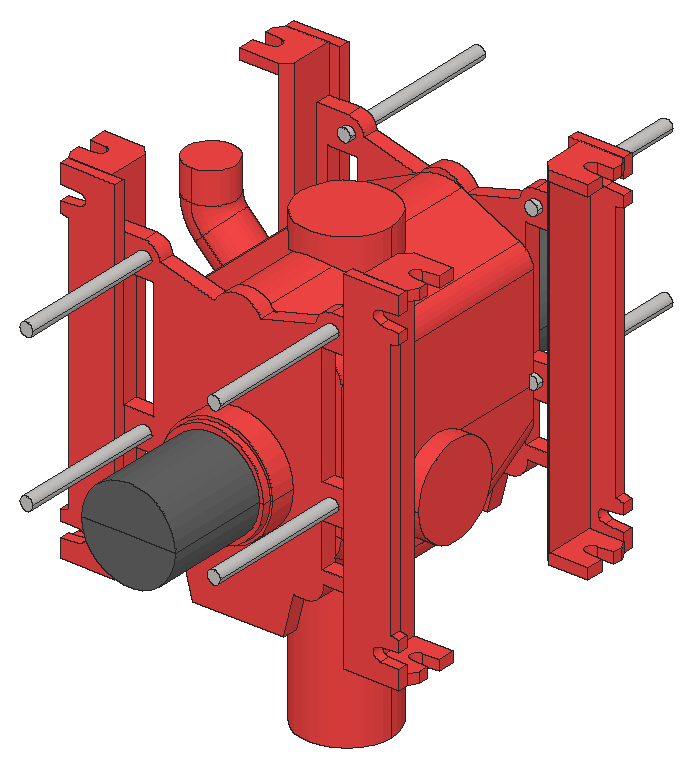
Revit family
Parameters (values of type "Standard Length")
  Vertical Pipe Nominal Radius = 2"
  Vertical Pipe Nominal Diameter = Vertical Pipe Nominal Radius * 2  # 4"
  Vent Nominal Radius = 1"
  Vent Nominal Diameter = Vent Nominal Radius * 2  # 2"
  Vent Flow = 0 GPM
  URL = "http://tylerpipe.com/"
  Type Comments = ""
  Slope Adjustment = yes
  Side Waste Inlet Standard Radius = 2"
  Side Waste Inlet Standard Diameter = Side Waste Inlet Standard Radius * 2  # 4"
  Rough-In Height [instance] = 0' - 6 1/2"
  Plastic Nipple Material = Plastic - Tyler Pipe - Black
  Plastic Nipple Length = 0' - 5"
  Pipe Material = Metal - Tyler Pipe - Cast Iron
  Operating Weight = 210.00 lbf
  Model = "330-ND"
  Manufacturer = "Tyler Pipe"
  Main Out Flush = Main In Flow + Flush Flow 1 + Flush Flow 2 + Vent Flow  # 0 GPM
  Main In Flow = 0 GPM
  Horizontal Pipe Outer Radius = 2 3/16"
  Flush Flow 2 = 0 GPM
  Flush Flow 1 = 0 GPM
  Description = "Back To Back Adjustable Vertical No-Hub Carrier"
  CALC_Slope H = 0' - 0"
  CALC_Outlet Length = 0' - 5 1/4"
  CALC_Main Length = -0' - 10 3/8"
  Bracket Material = Metal - Tyler Pipe - Cast Iron
  Bolt Material = Metal - Tyler Pipe - Stainless Steel
  Bolt Length = 0' - 7 9/128"
  Assembly Code = "D2030100"
Reference planes (in)
  plane 1 "Center (Front/Back)": y = 0
  plane 2: z = 0
  plane 3 "Center (Left/Right)": x = 0
  plane 4 "Rough-In": z = 6.5
  plane 5 "Main Fitting Outlet": z = 4.53516
  plane 6 "Top": z = 17
  plane 7 "Support Foot Left": x = -8.375
  plane 8 "Support Foot Right": x = 8.375
  plane 9 "Carrier Faceplate Back": y = 7
  plane 10 "Carrier Faceplate Front": y = -7
  plane 11 "Faceplate Back": y = 6.5
  plane 12 "Faceplate Front": y = -6.5
  plane 13: x = -8.125
  plane 14: x = 8.125
  plane 15 "Bolts Left": x = -4.5
  plane 16 "Bolts Right": x = 4.5
  plane 17 "Bolts Front": y = -13.57031
  plane 18 "Bolts Back": y = 13.57031
  plane 19 "Main Fitting Inlet": z = 4.53516
  plane 20 "O": x = -1.5
  plane 21 "Outlet": x = 5.25
  plane 22 "Vent": x = 4
  plane 23 "V": z = 11.50528
  plane 24 "Bottom Side Inlet Geometry": z = 2.34777
  plane 25: z = 16.5
  plane 26: z = 0.5
  plane 27: x = -6.49997
  plane 28: x = 6.51229
  plane 29: z = 6.5
  plane 30: z = 6.5
  plane 31: z = 6.5
  plane 32 "Bolts Front Back": y = -5.48803
  plane 33 "Bolts Back Front": y = 5.48803
  plane 34: z = 6.5
  plane 35 "Side Inlet Front": y = -13.06327
  plane 36 "Side Inlet Back": y = 13.06327
  plane 37: y = -8.06327
  plane 38: y = 8.06327
  plane 39 "Inlet": x = -5.125
  plane 40 "Vent Height": z = 14.81483
Forms (in)
  Extrusion 1, solid, material "Metal - Tyler Pipe - Cast Iron" <- "Pipe Material", detail levels medium+fine
    sketch origin (5.25, 0, 4.53516) x (0, -1, 0) y (-0.000001, 0, -1)
      loop
        circle (0, 0) r 2.1875
    from 0 to -10.375 <- "CALC_Main Length"
  Extrusion 2, solid, material "Metal - Tyler Pipe - Cast Iron" <- "Bracket Material", detail levels fine
    sketch origin (0, -7, 0) x (-1, 0, 0) y (0, 0, -1)
      loop
        line (8.12501, 0) -> (5.49997, 0) -> (5.49997, -16.99997) -> (8.12501, -16.99997) -> (8.12501, -16.11913) -> (7.22821, -16.05642)
        arc (7.22821, -16.05642) -> (6.91647, -15.74468) -> (7.22821, -15.43294) r 0.31174
        line (7.22821, -15.43294) -> (8.12498, -15.37024) -> (8.12498, -14.86967) -> (7.75, -14.7692) -> (7.75, -2.22548) -> (8.12498, -2.12501) -> (8.12498, -1.62445) -> (7.22821, -1.56174)
        arc (7.22821, -1.56174) -> (6.91647, -1.25) -> (7.22821, -0.93826) r 0.31174
        line (7.22821, -0.93826) -> (8.12501, -0.87555) -> (8.12501, 0)
      loop
        line (-5.49997, -16.99997) -> (-5.49997, 0) -> (-8.12501, 0) -> (-8.12501, -0.87555) -> (-7.22821, -0.93826)
        arc (-7.22821, -0.93826) -> (-6.91647, -1.25) -> (-7.22821, -1.56174) r 0.31174
        line (-7.22821, -1.56174) -> (-8.12498, -1.62445) -> (-8.12498, -2.12501) -> (-7.75, -2.22548) -> (-7.75, -14.7692) -> (-8.12498, -14.86967) -> (-8.12498, -15.37024) -> (-7.22821, -15.43294)
        arc (-7.22821, -15.43294) -> (-6.91647, -15.74468) -> (-7.22821, -16.05642) r 0.31174
        line (-7.22821, -16.05642) -> (-8.12501, -16.11913) -> (-8.12501, -16.99997) -> (-5.49997, -16.99997)
    from 0 to -0.5
  Extrusion 3, solid, material "Metal - Tyler Pipe - Cast Iron" <- "Bracket Material", detail levels fine
    sketch origin (0, 7, 0) x (-1, 0, 0) y (0, 0, 1)
      loop
        line (8.12501, 0) -> (8.12501, 0.87555) -> (7.22821, 0.93826)
        arc (7.22821, 0.93826) -> (6.91647, 1.25) -> (7.22821, 1.56174) r 0.31174
        line (7.22821, 1.56174) -> (8.12498, 1.62444) -> (8.12498, 2.12501) -> (7.75, 2.22548) -> (7.75, 14.7692) -> (8.12498, 14.86967) -> (8.12498, 15.37023) -> (7.22821, 15.43294)
        arc (7.22821, 15.43294) -> (6.91647, 15.74468) -> (7.22821, 16.05642) r 0.31174
        line (7.22821, 16.05642) -> (8.12501, 16.11913) -> (8.12501, 16.99997) -> (5.49997, 16.99997) -> (5.49997, 0) -> (8.12501, 0)
      loop
        line (-5.49997, 16.99997) -> (-8.12501, 16.99997) -> (-8.12501, 16.11913) -> (-7.22821, 16.05642)
        arc (-7.22821, 16.05642) -> (-6.91647, 15.74468) -> (-7.22821, 15.43294) r 0.31174
        line (-7.22821, 15.43294) -> (-8.12498, 15.37023) -> (-8.12498, 14.86967) -> (-7.75, 14.7692) -> (-7.75, 2.22548) -> (-8.12498, 2.12501) -> (-8.12498, 1.62444) -> (-7.22821, 1.56174)
        arc (-7.22821, 1.56174) -> (-6.91647, 1.25) -> (-7.22821, 0.93826) r 0.31174
        line (-7.22821, 0.93826) -> (-8.12501, 0.87555) -> (-8.12501, 0) -> (-5.49997, 0) -> (-5.49997, 16.99997)
    from 0 to -0.5
  Extrusion 4, solid, material "Metal - Tyler Pipe - Cast Iron" <- "Bracket Material", detail levels fine
    sketch origin (0, 0, 0) x (1, 0, 0) y (0, 1, 0)
      loop
        line (-8.37498, -6.0625) -> (-8.12501, -6.5) -> (-6.06247, -6.5) -> (-6.06247, -4.5) -> (-6.49997, -4.0625) -> (-8.37498, -4.0625) -> (-8.37498, -4.875) -> (-7.59946, -4.93854)
        arc (-7.59946, -4.93854) -> (-7.288, -5.25) -> (-7.59946, -5.56146) r 0.31146
        line (-7.59946, -5.56146) -> (-8.37498, -5.625) -> (-8.37498, -6.0625)
      loop
        line (6.06247, -4.5) -> (6.06247, -6.5) -> (8.12501, -6.5) -> (8.37498, -6.0625) -> (8.37498, -5.625) -> (7.59946, -5.56146)
        arc (7.59946, -5.56146) -> (7.288, -5.25) -> (7.59946, -4.93854) r 0.31146
        line (7.59946, -4.93854) -> (8.37498, -4.875) -> (8.37498, -4.0625) -> (6.49997, -4.0625) -> (6.06247, -4.5)
      loop
        line (8.37498, 6.0625) -> (8.12501, 6.5) -> (6.06247, 6.5) -> (6.06247, 4.5) -> (6.49997, 4.0625) -> (8.37498, 4.0625) -> (8.37498, 4.875) -> (7.59946, 4.93854)
        arc (7.59946, 4.93854) -> (7.288, 5.25) -> (7.59946, 5.56146) r 0.31146
        line (7.59946, 5.56146) -> (8.37498, 5.625) -> (8.37498, 6.0625)
      loop
        line (-8.37498, 6.0625) -> (-8.37498, 5.625) -> (-7.59946, 5.56146)
        arc (-7.59946, 5.56146) -> (-7.288, 5.25) -> (-7.59946, 4.93854) r 0.31146
        line (-7.59946, 4.93854) -> (-8.37498, 4.875) -> (-8.37498, 4.0625) -> (-6.49997, 4.0625) -> (-6.06247, 4.5) -> (-6.06247, 6.5) -> (-8.12501, 6.5) -> (-8.37498, 6.0625)
    from 0 to 17
  Extrusion 5, void
    sketch origin (0, 7, 0) x (-1, 0, 0) y (0, 0, 1)
      loop
        line (9.12254, 16.5) -> (6.49997, 16.5) -> (6.49997, 0.5) -> (9.12254, 0.5) -> (9.12254, 16.5)
      loop
        line (-9.26801, 16.5) -> (-9.26801, 0.5) -> (-6.51229, 0.5) -> (-6.51229, 16.5) -> (-9.26801, 16.5)
    from -13.5 to 0.5
  Extrusion 6, solid, material "Metal - Tyler Pipe - Cast Iron" <- "Bracket Material", detail levels fine
    sketch origin (0, -6.5, 0) x (-1, 0, 0) y (0, 0, -1)
      loop
        line (5.49997, -13.125) -> (5.49997, -7.3125) -> (4.03125, -7.3125) -> (4.03125, -13.125) -> (5.49997, -13.125)
      loop
        line (6.06247, -14.75) -> (6.06247, -2.9375) -> (4.13677, -2.9375)
        arc (4.13677, -2.9375) -> (3.90415, -2.27848) -> (3.26316, -2) r 0.875
        line (3.26316, -2) -> (2.685, -2) -> (2.18492, 0) -> (-2.18492, 0) -> (-2.685, -2) -> (-3.26316, -2)
        arc (-3.26316, -2) -> (-3.90415, -2.27848) -> (-4.13677, -2.9375) r 0.875
        line (-4.13677, -2.9375) -> (-6.06247, -2.9375) -> (-6.06247, -14.75) -> (-4.5, -14.75)
        arc (-4.5, -14.75) -> (-3.98825, -14.54828) -> (-3.75178, -14.05163) r 0.75
        line (-3.75178, -14.05163) -> (-1.11315, -13.31868)
        arc (-1.11315, -13.31868) -> (0, -14) -> (1.11315, -13.31868) r 1.25
        line (1.11315, -13.31868) -> (3.75178, -14.05163)
        arc (3.75178, -14.05163) -> (3.98825, -14.54828) -> (4.5, -14.75) r 0.75
        line (4.5, -14.75) -> (6.06247, -14.75)
      loop
        line (5.49997, -3.5625) -> (4.03125, -3.5625) -> (4.03125, -5.6875) -> (5.49997, -5.6875) -> (5.49997, -3.5625)
      loop
        line (-5.49997, -13.125) -> (-4.03125, -13.125) -> (-4.03125, -7.3125) -> (-5.49997, -7.3125) -> (-5.49997, -13.125)
      loop
        line (-5.49997, -3.5625) -> (-5.49997, -5.6875) -> (-4.03125, -5.6875) -> (-4.03125, -3.5625) -> (-5.49997, -3.5625)
    from 0 to -0.75
  Extrusion 7, solid, material "Metal - Tyler Pipe - Cast Iron" <- "Bracket Material", detail levels fine
    sketch origin (0, 6.5, 0) x (-1, 0, 0) y (0, 0, 1)
      loop
        line (5.49997, 13.125) -> (4.03125, 13.125) -> (4.03125, 7.3125) -> (5.49997, 7.3125) -> (5.49997, 13.125)
      loop
        line (6.06247, 14.75) -> (4.5, 14.75)
        arc (4.5, 14.75) -> (3.98825, 14.54828) -> (3.75178, 14.05163) r 0.75
        line (3.75178, 14.05163) -> (1.11315, 13.31868)
        arc (1.11315, 13.31868) -> (0, 14) -> (-1.11315, 13.31868) r 1.25
        line (-1.11315, 13.31868) -> (-3.75178, 14.05163)
        arc (-3.75178, 14.05163) -> (-3.98825, 14.54828) -> (-4.5, 14.75) r 0.75
        line (-4.5, 14.75) -> (-6.06247, 14.75) -> (-6.06247, 2.9375) -> (-4.13677, 2.9375)
        arc (-4.13677, 2.9375) -> (-3.90415, 2.27848) -> (-3.26316, 2) r 0.875
        line (-3.26316, 2) -> (-2.685, 2) -> (-2.18492, 0) -> (2.18492, 0) -> (2.685, 2) -> (3.26316, 2)
        arc (3.26316, 2) -> (3.90415, 2.27848) -> (4.13677, 2.9375) r 0.875
        line (4.13677, 2.9375) -> (6.06247, 2.9375) -> (6.06247, 14.75)
      loop
        line (5.49997, 3.5625) -> (5.49997, 5.6875) -> (4.03125, 5.6875) -> (4.03125, 3.5625) -> (5.49997, 3.5625)
      loop
        line (-5.49997, 13.125) -> (-5.49997, 7.3125) -> (-4.03125, 7.3125) -> (-4.03125, 13.125) -> (-5.49997, 13.125)
      loop
        line (-5.49997, 3.5625) -> (-4.03125, 3.5625) -> (-4.03125, 5.6875) -> (-5.49997, 5.6875) -> (-5.49997, 3.5625)
    from 0 to -0.75
  Revolve 8, solid, material "Metal - Tyler Pipe - Cast Iron" <- "Pipe Material", detail levels fine
    sketch origin (0, 0, 6.5) x (-1, 0, 0) y (0, -1, 0)
      loop
        line (0, 6.5) -> (2.64908, 6.5) -> (2.64908, 7.71875) -> (2.5, 7.71875) -> (2.5, 8.06327) -> (0, 8.06327) -> (0, 6.5)
      loop
        line (0, -6.5) -> (0, -8.06327) -> (2.5, -8.06327) -> (2.5, -7.71875) -> (2.64908, -7.71875) -> (2.64908, -6.5) -> (0, -6.5)
      axis (0, -8.06327) -> (0, 8.06327)
    angle from 0 to 360
  Extrusion 9, solid, material "Metal - Tyler Pipe - Stainless Steel" <- "Bolt Material", detail levels fine
    sketch origin (0, -6.5, 0) x (-1, 0, 0) y (0, 0, -1)
      loop
        circle (4.5, -14) r 0.3125
      loop
        circle (4.5, -6.5) r 0.3125
      loop
        circle (-4.5, -14) r 0.3125
      loop
        circle (-4.5, -6.5) r 0.3125
    from 7.07031 to -1.01197
  Extrusion 10, solid, material "Metal - Tyler Pipe - Stainless Steel" <- "Bolt Material", detail levels fine
    sketch origin (0, 6.5, 0) x (-1, 0, 0) y (0, 0, 1)
      loop
        circle (4.5, 14) r 0.3125
      loop
        circle (4.5, 6.5) r 0.3125
      loop
        circle (-4.5, 14) r 0.3125
      loop
        circle (-4.5, 6.5) r 0.3125
    from 7.07031 to -1.01197
  Revolve 11, solid, material "Plastic - Tyler Pipe - Black" <- "Plastic Nipple Material", detail levels medium+fine
    sketch origin (0, 0, 6.5) x (-1, 0, 0) y (0, -1, 0)
      loop
        line (0, 5.75) -> (0, 13.06327) -> (-2.25, 13.06327) -> (-2.25, 5.75) -> (0, 5.75)
      loop
        line (0, -5.75) -> (-2.25, -5.75) -> (-2.25, -13.06327) -> (0, -13.06327) -> (0, -5.75)
      axis (0, -13.06327) -> (0, 13.06327)
    angle from 0 to 360
  Extrusion 12, solid, material "Metal - Tyler Pipe - Cast Iron" <- "Bracket Material", detail levels medium
    sketch origin (0, 0, 4.53516) x (-1, 0, 0) y (0, -1, 0)
      loop
        line (8.375, -7) -> (8.375, -4.0625) -> (-8.375, -4.0625) -> (-8.375, -7) -> (8.375, -7)
      loop
        line (8.375, 7) -> (-8.375, 7) -> (-8.375, 4.0625) -> (8.375, 4.0625) -> (8.375, 7)
    from 12.46484 to -4.53516
  Extrusion 13, solid, material "Metal - Tyler Pipe - Cast Iron" <- "Pipe Material", detail levels fine
    sketch origin (0, -6.5, 0) x (-1, 0, 0) y (0, 0, -1)
      loop
        arc (3.73213, -12.19032) -> (4.18796, -11.78436) -> (4.36056, -11.19888) r 1.11114
        line (4.36056, -11.19888) -> (4.36056, -6.24706) -> (-4.36056, -6.24706) -> (-4.36056, -11.19888)
        arc (-4.36056, -11.19888) -> (-4.18796, -11.78436) -> (-3.73213, -12.19032) r 1.11114
        line (-3.73213, -12.19032) -> (-0.93697, -13.53835)
        arc (-0.93697, -13.53835) -> (0, -13.75248) -> (0.93697, -13.53835) r 2.15697
        line (0.93697, -13.53835) -> (3.73213, -12.19032)
    from -0.75 to -12.25
  Sweep 14, solid, material "Metal - Tyler Pipe - Cast Iron" <- "Pipe Material", detail levels fine
    path origin (0, 0, 0) x (0, 1, 0) y (0, 0, 1)
      loop
        line (-5.75, 5.24184) -> (-1.92239, 2.87906) -> (1.79739, 2.87906) -> (5.625, 5.24184)
    profile origin (0, -3.83619, 4.06045) x (0, 0.525279, 0.85093) y (1, 0, 0)
      loop
        arc (-0.5, 4.36056) -> (-0.92032, 4.27415) -> (-1.27655, 4.03491) r 1.11114
        arc (-1.27655, 4.03491) -> (-1.8423, 2.75045) -> (-2.41142, 1.46748) r 534.00949
        arc (-2.41142, 1.46748) -> (-2.48755, 1.28006) -> (-2.55113, 1.08801) r 3.0625
        line (-2.55113, 1.08801) -> (-2.55113, -1.08801)
        arc (-2.55113, -1.08801) -> (-2.48755, -1.28006) -> (-2.41142, -1.46748) r 3.0625
        arc (-2.41142, -1.46748) -> (-1.8423, -2.75045) -> (-1.27655, -4.03491) r 534.00949
        arc (-1.27655, -4.03491) -> (-0.92032, -4.27415) -> (-0.5, -4.36056) r 1.11114
        line (-0.5, -4.36056) -> (-0.5, 4.36056)
  Extrusion 15, void
    sketch origin (0, 0, 0) x (0, 1, 0) y (0, 0, 1)
      loop
        line (-5.75, 8.0625) -> (-10, 8.0625) -> (-10, 1.5625) -> (-5.75, 1.5625) -> (-5.75, 8.0625)
      loop
        line (5.75, 8.0625) -> (5.75, 1.5625) -> (10, 1.5625) -> (10, 8.0625) -> (5.75, 8.0625)
    from 4.5 to -4.5
  Extrusion 16, solid, material "Metal - Tyler Pipe - Cast Iron" <- "Pipe Material", detail levels medium+fine
    sketch origin (0, 0, 0) x (0, 1, 0) y (0, 0, 1)
      loop
        line (-5.75, 6.24706) -> (-5.75, 4.65425) -> (-2.06428, 2.37906) -> (1.93928, 2.37906) -> (5.75, 4.73141) -> (5.75, 6.24706) -> (-5.75, 6.24706)
    from 4.36056 to -4.36056
  Sweep 17, solid, material "Metal - Tyler Pipe - Cast Iron" <- "Pipe Material", detail levels medium+fine
    path origin (0, 0, 0) x (1, 0, 0) y (0, 0, 1)
      loop
        line (-6.4992, 14.81483) -> (-6.4992, 13.3042)
        arc (-6.4992, 13.3042) -> (-6.36339, 12.62141) -> (-5.97662, 12.04257) r 1.78422
        line (-5.97662, 12.04257) -> (-1.02687, 7.09282)
    profile origin (-6.4992, 0, 14.05952) x (0, -1, 0) y (1, 0, 0)
      loop
        circle (0, 0) r 1.17578
  Extrusion 18, solid, material "Metal - Tyler Pipe - Cast Iron" <- "Pipe Material", detail levels medium+fine
    sketch origin (0, 0, 4.53516) x (-1, 0, 0) y (0, -1, 0)
      loop
        circle (0, 0) r 2.1875
    from 10.27967 to -11.71618
Cuts and joins
  Extrusion 5 cuts Extrusion 4
  Extrusion 15 cuts Sweep 14
Lines and regions (in)
  reference lines, not visible
    curve 1: line (-5.125, 0, 4.53517) -> (5.25, 0, 4.53516)
  model lines, detail levels coarse
    curve 2: line (-5.125, 0, 4.53517) -> (0, 0, 4.53516)
    curve 3: line (0, 13.06327, 6.5) -> (0, -13.06327, 6.5)
    curve 4: line (0, 0, 14.81483) -> (0, 0, -7.18102)
    curve 5: line (-6.49997, 0, 14.81483) -> (-6.49997, 0, 13.56508)
    curve 6: line (-6.49997, 0, 13.56508) -> (0, 0, 11.50528)
Dimensions and locks (in)
  "Rough-In Height": plane 4 "Rough-In" to plane 2
  equal spacing: plane 8 "Support Foot Right", plane 3 "Center (Left/Right)", plane 7 "Support Foot Left"
  locked: plane 6 "Top" to plane 2 at 17
  locked: plane 9 "Carrier Faceplate Back" to plane 10 "Carrier Faceplate Front" at 14
  equal spacing: plane 9 "Carrier Faceplate Back", plane 1 "Center (Front/Back)", plane 10 "Carrier Faceplate Front"
  locked: plane 9 "Carrier Faceplate Back" to plane 11 "Faceplate Back" at 0.5
  locked: plane 10 "Carrier Faceplate Front" to plane 12 "Faceplate Front" at 0.5
  locked: plane 13 to plane 7 "Support Foot Left" at 0.25
  locked: plane 14 to plane 8 "Support Foot Right" at 0.25
  equal spacing: plane 17 "Bolts Front", plane 1 "Center (Front/Back)", plane 18 "Bolts Back"
  "Bolt Length": plane 17 "Bolts Front" to plane 12 "Faceplate Front"
  equal spacing: plane 15 "Bolts Left", plane 3 "Center (Left/Right)", plane 16 "Bolts Right"
  locked: plane 15 "Bolts Left" to plane 16 "Bolts Right" at 9
  plane 20 "O" to plane 3 "Center (Left/Right)" = 0' - 1 1/2"
  "CALC_Outlet Length": plane 3 "Center (Left/Right)" to plane 21 "Outlet"
  "CALC_Slope H": plane 19 "Main Fitting Inlet" to plane 5 "Main Fitting Outlet"
  locked: plane 3 "Center (Left/Right)" to plane 22 "Vent" at 4
  locked: plane 19 "Main Fitting Inlet" to plane 24 "Bottom Side Inlet Geometry" at 2.18738
  locked: plane 6 "Top" to plane 25 at 0.5
  locked: plane 26 to level at 0.5
  locked: plane 23 "V" to plane 5 "Main Fitting Outlet" at 6.97012
  locked: Extrusion 6 sketch curve to plane 29 at 8.25  (x2)
  locked: plane 29 to Extrusion 6 sketch curve at 3.5625  (x2)
  locked: Extrusion 6 sketch curve to plane 29 at 6.625  (x2)
  locked: plane 29 to Extrusion 6 sketch curve at 2.9375  (x2)
  locked: plane 29 to Extrusion 6 sketch curve at 6.5
  locked: Extrusion 7 sketch curve to plane 30 at 8.25  (x2)
  locked: plane 30 to Extrusion 7 sketch curve at 3.5625  (x2)
  locked: plane 30 to Extrusion 7 sketch curve at 2.9375  (x2)
  locked: Extrusion 7 sketch curve to plane 30 at 6.625  (x2)
  locked: plane 30 to Extrusion 7 sketch curve at 6.5
  locked: Extrusion 9 sketch curve to plane 31 at 7.5  (x2)
  locked: Extrusion 6 sketch curve to plane 29 at 0.8125  (x2)
  locked: plane 29 to Extrusion 6 sketch curve at 0.8125  (x2)
  locked: Extrusion 7 sketch curve to plane 30 at 0.8125  (x2)
  locked: plane 30 to Extrusion 7 sketch curve at 0.8125  (x2)
  locked: plane 12 "Faceplate Front" to plane 32 "Bolts Front Back" at 1.01197
  locked: plane 11 "Faceplate Back" to plane 33 "Bolts Back Front" at 1.01197
  locked: Extrusion 10 sketch curve to plane 34 at 7.5  (x2)
  locked: plane 38 to plane 9 "Carrier Faceplate Back" at 1.06327
  locked: plane 37 to plane 10 "Carrier Faceplate Front" at 1.06327
  "Plastic Nipple Length": plane 35 "Side Inlet Front" to plane 37
  "Plastic Nipple Length": plane 38 to plane 36 "Side Inlet Back"
  locked: plane 9 "Carrier Faceplate Back" to Extrusion 12 sketch curve at 2.9375
  locked: plane 10 "Carrier Faceplate Front" to Extrusion 12 sketch curve at 2.9375
  locked: Extrusion 6 sketch curve to plane 29 at 6.25
  locked: plane 29 to Extrusion 6 sketch curve at 3.625  (x2)
  locked: Extrusion 6 sketch curve to plane 29 at 6.81868  (x2)
  locked: plane 30 to Extrusion 7 sketch curve at 6.25
  locked: Extrusion 7 sketch curve to plane 30 at 3.625  (x2)
  locked: plane 30 to Extrusion 7 sketch curve at 6.81868  (x2)
  locked: Extrusion 13 sketch curve to plane 5 "Main Fitting Outlet" at 1.7119
  locked: Extrusion 13 sketch curve to plane 5 "Main Fitting Outlet" at 6.66372  (x2)
  locked: Extrusion 13 sketch curve to plane 5 "Main Fitting Outlet" at 7.65516  (x2)
  locked: Extrusion 13 sketch curve to plane 5 "Main Fitting Outlet" at 9.00319  (x2)
  locked: Sweep 17 sketch curve to plane 5 "Main Fitting Outlet" at 2.55767
  locked: Sweep 17 sketch curve to plane 5 "Main Fitting Outlet" at 7.50741
  locked: Sweep 17 sketch curve to plane 5 "Main Fitting Outlet" at 8.76905
  locked: Sweep 17 sketch curve to plane 5 "Main Fitting Outlet" at 10.27967
  locked: plane 19 "Main Fitting Inlet" to level at 4.53516
  locked: Sweep 14 sketch curve to plane 19 "Main Fitting Inlet" at 0.70668  (x2)
  locked: plane 19 "Main Fitting Inlet" to Sweep 14 sketch curve at 1.6561  (x2)
  locked: Extrusion 15 sketch curve to plane 19 "Main Fitting Inlet" at 3.52734  (x2)
  locked: Extrusion 15 sketch curve to Extrusion 15 sketch curve at 6.5  (x2)
  locked: Extrusion 18 to Extrusion 18 at 21.99585
  locked: plane 21 "Outlet" to plane 39 "Inlet" at 10.375
  locked: plane 40 "Vent Height" to plane 5 "Main Fitting Outlet" at 10.27967
  "Horizontal Pipe Outer Radius": radius of Extrusion 1 sketch curve
  radius of Sweep 17 sketch curve = 0' - 1 45/256"
  radius of Extrusion 18 sketch curve = 0' - 2 3/16"
  aligned and locked: level to plane 2
  aligned and locked: plane 21 "Outlet" to curve 1
  aligned and locked: plane 5 "Main Fitting Outlet" to curve 1
  aligned: curve 1 to Extrusion 1  (x4)
  aligned and locked: Extrusion 2 to plane 12 "Faceplate Front"
  aligned and locked: plane 10 "Carrier Faceplate Front" to Extrusion 2
  aligned and locked: Extrusion 3 to plane 11 "Faceplate Back"
  aligned and locked: plane 9 "Carrier Faceplate Back" to Extrusion 3
  aligned and locked: plane 6 "Top" to Extrusion 4
  aligned and locked: Extrusion 4 to level
  aligned and locked: plane 4 "Rough-In" to plane 29
  aligned and locked: plane 4 "Rough-In" to plane 30
  aligned and locked: Revolve 8 sketch curve to plane 3 "Center (Left/Right)"
  aligned and locked: plane 4 "Rough-In" to plane 31
  aligned and locked: plane 31 to Extrusion 9 sketch curve
  aligned and locked: Extrusion 9 sketch curve to plane 31
  aligned and locked: Extrusion 9 to plane 17 "Bolts Front"
  aligned and locked: plane 32 "Bolts Front Back" to Extrusion 9
  aligned and locked: plane 34 to Extrusion 10 sketch curve
  aligned and locked: Extrusion 10 sketch curve to plane 34
  aligned and locked: Extrusion 10 to plane 18 "Bolts Back"
  aligned and locked: plane 33 "Bolts Back Front" to Extrusion 10
  aligned and locked: plane 35 "Side Inlet Front" to Revolve 11 sketch curve
  aligned and locked: Revolve 11 sketch curve to plane 36 "Side Inlet Back"
  aligned and locked: Revolve 11 sketch curve to plane 3 "Center (Left/Right)"
  aligned and locked: Extrusion 7 to Revolve 11 sketch curve
  aligned and locked: Revolve 11 sketch curve to Extrusion 6
  aligned and locked: Extrusion 12 sketch curve to plane 8 "Support Foot Right"
  aligned and locked: plane 8 "Support Foot Right" to Extrusion 12 sketch curve
  aligned and locked: Extrusion 12 sketch curve to plane 7 "Support Foot Left"
  aligned and locked: plane 7 "Support Foot Left" to Extrusion 12 sketch curve
  aligned and locked: plane 10 "Carrier Faceplate Front" to Extrusion 12 sketch curve
  aligned and locked: Extrusion 12 sketch curve to plane 9 "Carrier Faceplate Back"
  aligned and locked: plane 6 "Top" to Extrusion 12
  aligned and locked: Extrusion 12 to level
  aligned and locked: Extrusion 13 to Extrusion 6
  aligned and locked: Extrusion 16 sketch curve to Extrusion 13
  aligned and locked: plane 4 "Rough-In" to plane 34
  aligned and locked: plane 3 "Center (Left/Right)" to Extrusion 18 sketch curve
  aligned and locked: plane 1 "Center (Front/Back)" to Extrusion 18 sketch curve
  aligned and locked: Extrusion 18 to Sweep 17
  aligned and locked: plane 39 "Inlet" to curve 1
  aligned and locked: plane 39 "Inlet" to curve 2
  aligned and locked: plane 3 "Center (Left/Right)" to curve 2
  aligned and locked: plane 36 "Side Inlet Back" to curve 3
  aligned and locked: plane 35 "Side Inlet Front" to curve 3
  aligned and locked: curve 3 to plane 3 "Center (Left/Right)"
  aligned and locked: Extrusion 18 to curve 4  (x2)
  aligned and locked: curve 4 to plane 3 "Center (Left/Right)"
  aligned and locked: plane 23 "V" to curve 6
  aligned and locked: plane 3 "Center (Left/Right)" to curve 6
  aligned and locked: curve 5 to plane 27
  aligned and locked: plane 40 "Vent Height" to curve 5
Automatic sketch dimensions
  Extrusion 1 sketch curve to plane 1 "Center (Front/Back)" = 0' - 0"
  Extrusion 2 sketch curve to level = 0' - 0"  (x2)
  plane 14 to Extrusion 2 sketch curve = 0' - 0"  (x2)
  Extrusion 2 sketch curve to plane 14 = 0' - 0"  (x2)
  Extrusion 2 sketch curve to plane 14 = 0' - 0 3/8"
  Extrusion 2 sketch curve to plane 28 = 0' - 0.71591"  (x2)
  plane 6 "Top" to Extrusion 2 sketch curve = 0' - 0.00003"  (x2)
  plane 16 "Bolts Right" to Extrusion 2 sketch curve = 0' - 0.99997"
  plane 15 "Bolts Left" to Extrusion 2 sketch curve = 0' - 0.99997"
  plane 27 to Extrusion 2 sketch curve = 0' - 0.72823"  (x2)
  Extrusion 2 sketch curve to plane 26 = 0' - 0.43826"  (x2)
  Extrusion 2 sketch curve to plane 13 = 0' - 0 3/8"
  Extrusion 2 sketch curve to plane 13 = 0' - 0"  (x2)
  plane 13 to Extrusion 2 sketch curve = 0' - 0"  (x2)
  Extrusion 2 sketch curve to plane 26 = 0' - 0.37555"  (x2)
  Extrusion 2 sketch curve to Extrusion 2 sketch curve = 0' - 0.31174"  (x4)
  Extrusion 2 sketch curve to Extrusion 2 sketch curve = 0' - 0.7489"  (x2)
  Extrusion 2 sketch curve to Extrusion 2 sketch curve = 0' - 0.50056"  (x4)
  Extrusion 2 sketch curve to Extrusion 2 sketch curve = 0' - 0.10047"  (x4)
  plane 25 to Extrusion 2 sketch curve = 0' - 1.7308"  (x2)
  Extrusion 2 sketch curve to Extrusion 2 sketch curve = 0' - 0.66374"  (x2)
  plane 25 to Extrusion 2 sketch curve = 0' - 0.38087"  (x2)
  Extrusion 3 sketch curve to level = 0' - 0"  (x2)
  Extrusion 3 sketch curve to plane 14 = 0' - 0"  (x2)
  plane 14 to Extrusion 3 sketch curve = 0' - 0"  (x2)
  plane 14 to Extrusion 3 sketch curve = 0' - 0 3/8"
  plane 28 to Extrusion 3 sketch curve = 0' - 0.71591"  (x2)
  Extrusion 3 sketch curve to plane 6 "Top" = 0' - 0.00003"  (x2)
  Extrusion 3 sketch curve to plane 16 "Bolts Right" = 0' - 0.99997"
  Extrusion 3 sketch curve to plane 15 "Bolts Left" = 0' - 0.99997"
  Extrusion 3 sketch curve to plane 27 = 0' - 0.72823"  (x2)
  plane 26 to Extrusion 3 sketch curve = 0' - 0.43826"  (x2)
  plane 13 to Extrusion 3 sketch curve = 0' - 0 3/8"
  plane 13 to Extrusion 3 sketch curve = 0' - 0"  (x2)
  Extrusion 3 sketch curve to plane 13 = 0' - 0"  (x2)
  plane 26 to Extrusion 3 sketch curve = 0' - 0.37555"  (x2)
  Extrusion 3 sketch curve to Extrusion 3 sketch curve = 0' - 0.31174"  (x4)
  Extrusion 3 sketch curve to Extrusion 3 sketch curve = 0' - 0.7489"  (x2)
  Extrusion 3 sketch curve to Extrusion 3 sketch curve = 0' - 0.50056"  (x4)
  Extrusion 3 sketch curve to Extrusion 3 sketch curve = 0' - 0.10047"  (x4)
  Extrusion 3 sketch curve to plane 25 = 0' - 1.7308"  (x2)
  Extrusion 3 sketch curve to Extrusion 3 sketch curve = 0' - 0.66374"  (x2)
  Extrusion 3 sketch curve to plane 25 = 0' - 0.38087"  (x2)
  plane 12 "Faceplate Front" to Extrusion 4 sketch curve = 0' - 0"  (x2)
  Extrusion 4 sketch curve to plane 11 "Faceplate Back" = 0' - 0"  (x2)
  Extrusion 4 sketch curve to plane 27 = 0' - 0"  (x2)
  plane 13 to Extrusion 4 sketch curve = 0' - 0.52554"  (x2)
  Extrusion 4 sketch curve to plane 13 = 0' - 0"  (x2)
  plane 7 "Support Foot Left" to Extrusion 4 sketch curve = 0' - 0.00002"  (x4)
  plane 27 to Extrusion 4 sketch curve = 0' - 0 7/16"  (x2)
  Extrusion 4 sketch curve to plane 28 = 0' - 0.44982"  (x2)
  Extrusion 4 sketch curve to plane 28 = 0' - 0.01232"  (x2)
  plane 14 to Extrusion 4 sketch curve = 0' - 0.52554"  (x2)
  plane 32 "Bolts Front Back" to Extrusion 4 sketch curve = 0' - 0.23803"  (x2)
  Extrusion 4 sketch curve to plane 14 = 0' - 0"  (x2)
  plane 8 "Support Foot Right" to Extrusion 4 sketch curve = 0' - 0.00002"  (x4)
  Extrusion 4 sketch curve to plane 12 "Faceplate Front" = 0' - 0 7/16"  (x2)
  Extrusion 4 sketch curve to plane 32 "Bolts Front Back" = 0' - 0.13697"  (x2)
  Extrusion 4 sketch curve to plane 32 "Bolts Front Back" = 0' - 0.07343"  (x2)
  plane 32 "Bolts Front Back" to Extrusion 4 sketch curve = 0' - 0.61303"  (x2)
  plane 32 "Bolts Front Back" to Extrusion 4 sketch curve = 0' - 0.98803"  (x2)
  Extrusion 4 sketch curve to Extrusion 4 sketch curve = 0' - 0 13/16"  (x2)
  plane 33 "Bolts Back Front" to Extrusion 4 sketch curve = 0' - 1.42553"  (x2)
  Extrusion 4 sketch curve to Extrusion 4 sketch curve = 0' - 0 7/16"  (x2)
  plane 33 "Bolts Back Front" to Extrusion 4 sketch curve = 0' - 0.61303"  (x2)
  plane 33 "Bolts Back Front" to Extrusion 4 sketch curve = 0' - 0.54949"  (x2)
  plane 33 "Bolts Back Front" to Extrusion 4 sketch curve = 0' - 0.23803"  (x2)
  Extrusion 4 sketch curve to plane 33 "Bolts Back Front" = 0' - 0.13697"  (x2)
  Extrusion 4 sketch curve to plane 11 "Faceplate Back" = 0' - 0 7/16"  (x2)
  Extrusion 5 sketch curve to plane 26 = 0' - 0"  (x2)
  Extrusion 5 sketch curve to plane 25 = 0' - 0"  (x2)
  Extrusion 5 sketch curve to plane 28 = 0' - 0"
  Extrusion 5 sketch curve to plane 27 = 0' - 0"
  Extrusion 5 sketch curve to plane 8 "Support Foot Right" = 0' - 0.89301"
  Extrusion 5 sketch curve to plane 7 "Support Foot Left" = 0' - 0.74754"
  plane 16 "Bolts Right" to Extrusion 6 sketch curve = 0' - 0"
  Extrusion 6 sketch curve to plane 3 "Center (Left/Right)" = 0' - 0"
  Extrusion 6 sketch curve to plane 15 "Bolts Left" = 0' - 0"
  plane 16 "Bolts Right" to Extrusion 6 sketch curve = 0' - 0.99997"  (x2)
  plane 28 to Extrusion 6 sketch curve = 0' - 0.44982"
  Extrusion 6 sketch curve to plane 22 "Vent" = 0' - 0.13677"
  Extrusion 6 sketch curve to plane 22 "Vent" = 0' - 0 1/32"  (x2)
  plane 22 "Vent" to Extrusion 6 sketch curve = 0' - 0.24822"
  plane 22 "Vent" to Extrusion 6 sketch curve = 0' - 0.736"
  plane 22 "Vent" to Extrusion 6 sketch curve = 0' - 0.73684"
  Extrusion 6 sketch curve to Extrusion 6 sketch curve = 0' - 0.57816"  (x2)
  plane 22 "Vent" to Extrusion 6 sketch curve = 0' - 1.81508"
  Extrusion 6 sketch curve to plane 20 "O" = 0' - 0.38685"
  plane 20 "O" to Extrusion 6 sketch curve = 0' - 0.68492"
  plane 20 "O" to Extrusion 6 sketch curve = 0' - 1.185"
  Extrusion 6 sketch curve to Extrusion 6 sketch curve = 0' - 0.00084"
  Extrusion 6 sketch curve to plane 15 "Bolts Left" = 0' - 0.74822"
  Extrusion 6 sketch curve to plane 15 "Bolts Left" = 0' - 0 15/32"  (x2)
  Extrusion 6 sketch curve to plane 15 "Bolts Left" = 0' - 0.36323"
  plane 15 "Bolts Left" to Extrusion 6 sketch curve = 0' - 0.99997"  (x2)
  Extrusion 6 sketch curve to plane 27 = 0' - 0 7/16"
  Extrusion 6 sketch curve to Extrusion 6 sketch curve = 0' - 0 3/4"  (x2)
  plane 16 "Bolts Right" to Extrusion 7 sketch curve = 0' - 0"
  Extrusion 7 sketch curve to plane 3 "Center (Left/Right)" = 0' - 0"
  Extrusion 7 sketch curve to plane 15 "Bolts Left" = 0' - 0"
  Extrusion 7 sketch curve to plane 16 "Bolts Right" = 0' - 0.99997"  (x2)
  Extrusion 7 sketch curve to Extrusion 7 sketch curve = 0' - 0"
  Extrusion 7 sketch curve to plane 28 = 0' - 0.44982"
  plane 22 "Vent" to Extrusion 7 sketch curve = 0' - 0.13677"
  plane 22 "Vent" to Extrusion 7 sketch curve = 0' - 0 1/32"  (x2)
  Extrusion 7 sketch curve to plane 22 "Vent" = 0' - 0.24822"
  Extrusion 7 sketch curve to plane 22 "Vent" = 0' - 0.736"
  Extrusion 7 sketch curve to plane 22 "Vent" = 0' - 0.73684"
  Extrusion 7 sketch curve to Extrusion 7 sketch curve = 0' - 0.57816"  (x2)
  Extrusion 7 sketch curve to plane 22 "Vent" = 0' - 1.81508"
  plane 20 "O" to Extrusion 7 sketch curve = 0' - 0.38685"
  Extrusion 7 sketch curve to plane 20 "O" = 0' - 0.68492"
  Extrusion 7 sketch curve to plane 20 "O" = 0' - 1.185"
  Extrusion 7 sketch curve to Extrusion 7 sketch curve = 0' - 0.00084"
  plane 15 "Bolts Left" to Extrusion 7 sketch curve = 0' - 0.74822"
  plane 15 "Bolts Left" to Extrusion 7 sketch curve = 0' - 0 15/32"  (x2)
  plane 15 "Bolts Left" to Extrusion 7 sketch curve = 0' - 0.36323"
  Extrusion 7 sketch curve to plane 15 "Bolts Left" = 0' - 0.99997"  (x2)
  plane 27 to Extrusion 7 sketch curve = 0' - 0 7/16"
  Extrusion 7 sketch curve to Extrusion 7 sketch curve = 0' - 0 3/4"  (x2)
  Revolve 8 sketch curve to plane 3 "Center (Left/Right)" = 0' - 0"  (x2)
  Revolve 8 sketch curve to plane 11 "Faceplate Back" = 0' - 0"
  plane 12 "Faceplate Front" to Revolve 8 sketch curve = 0' - 0"
  Revolve 8 sketch curve to plane 20 "O" = 0' - 1"  (x2)
  Revolve 8 sketch curve to plane 20 "O" = 0' - 1.14908"  (x2)
  plane 9 "Carrier Faceplate Back" to Revolve 8 sketch curve = 0' - 0 23/32"
  plane 9 "Carrier Faceplate Back" to Revolve 8 sketch curve = 0' - 1.06327"
  Revolve 8 sketch curve to Revolve 8 sketch curve = 0' - 2"
  plane 10 "Carrier Faceplate Front" to Revolve 8 sketch curve = 0' - 0 23/32"
  plane 10 "Carrier Faceplate Front" to Revolve 8 sketch curve = 0' - 1.06327"
  Revolve 8 sketch curve to Revolve 8 sketch curve = 0' - 1.37346"
  plane 16 "Bolts Right" to Extrusion 9 sketch curve = 0' - 0"  (x2)
  Extrusion 9 sketch curve to plane 15 "Bolts Left" = 0' - 0"  (x2)
  plane 16 "Bolts Right" to Extrusion 10 sketch curve = 0' - 0"  (x2)
  Extrusion 10 sketch curve to plane 15 "Bolts Left" = 0' - 0"  (x2)
  Revolve 11 sketch curve to plane 3 "Center (Left/Right)" = 0' - 0"  (x2)
  Revolve 11 sketch curve to plane 22 "Vent" = 0' - 1 3/4"  (x2)
  Revolve 11 sketch curve to plane 18 "Bolts Back" = 0' - 0.57881"
  plane 17 "Bolts Front" to Revolve 11 sketch curve = 0' - 0.05528"
  Extrusion 13 sketch curve to plane 3 "Center (Left/Right)" = 0' - 0"
  Extrusion 13 sketch curve to plane 3 "Center (Left/Right)" = 0' - 0.93697"
  plane 22 "Vent" to Extrusion 13 sketch curve = 0' - 0.75054"
  plane 22 "Vent" to Extrusion 13 sketch curve = 0' - 0.26787"
  Extrusion 13 sketch curve to plane 16 "Bolts Right" = 0' - 0.13944"
  Extrusion 13 sketch curve to plane 15 "Bolts Left" = 0' - 1.25054"
  Extrusion 13 sketch curve to plane 15 "Bolts Left" = 0' - 0.76787"
  Extrusion 13 sketch curve to plane 15 "Bolts Left" = 0' - 0.13944"
  Extrusion 13 sketch curve to plane 23 "V" = 0' - 0.09024"
  plane 17 "Bolts Front" to Sweep 14 sketch curve = 0' - 7 105/128"
  plane 17 "Bolts Front" to Sweep 14 sketch curve = 0' - 11.64792"
  plane 35 "Side Inlet Front" to Sweep 14 sketch curve = 1' - 2.86066"
  Sweep 14 sketch curve to plane 10 "Carrier Faceplate Front" = 1' - 0 5/8"
  plane 37 to Extrusion 15 sketch curve = 0' - 1.93673"
  Extrusion 15 sketch curve to plane 32 "Bolts Front Back" = 0' - 0.26197"
  Extrusion 15 sketch curve to plane 33 "Bolts Back Front" = 0' - 0.26197"
  plane 38 to Extrusion 15 sketch curve = 0' - 1.93673"
  plane 1 "Center (Front/Back)" to Sweep 17 sketch curve = 0' - 0"
  Sweep 17 sketch curve to profile plane = 0' - 0"
  profile plane to Sweep 14 sketch curve = 40' - 10.26389"
  Sweep 14 sketch curve to Sweep 14 sketch curve = 0' - 0"  (x3)
  plane 3 "Center (Left/Right)" to Sweep 14 sketch curve = 0' - 1.08801"
  profile plane to Sweep 14 sketch curve = 0' - 2.55113"
  Sweep 14 sketch curve to Sweep 14 sketch curve = 0' - 0.13971"  (x2)
  profile plane to Sweep 14 sketch curve = 0' - 1.27655"  (x2)
  profile plane to Sweep 14 sketch curve = 0' - 0 1/2"
  profile plane to Sweep 14 sketch curve = 0' - 0.49061"  (x2)
  plane 3 "Center (Left/Right)" to Sweep 14 sketch curve = 0' - 0.22199"
  Sweep 14 sketch curve to profile plane = 0' - 0.38637"  (x2)
  Sweep 14 sketch curve to plane 3 "Center (Left/Right)" = 0' - 0.22199"
  Sweep 14 sketch curve to plane 3 "Center (Left/Right)" = 0' - 1.08801"
  Sweep 14 sketch curve to Sweep 14 sketch curve = 0' - 0.78545"  (x2)
  plane 19 "Main Fitting Inlet" to Extrusion 16 sketch curve = 0' - 0.11909"
  Extrusion 16 sketch curve to plane 32 "Bolts Front Back" = 0' - 0.26197"
  Extrusion 16 sketch curve to plane 24 "Bottom Side Inlet Geometry" = 0' - 0.03128"
  plane 1 "Center (Front/Back)" to Extrusion 16 sketch curve = 0' - 2.06428"
  Extrusion 16 sketch curve to plane 1 "Center (Front/Back)" = 0' - 1.93928"
  Extrusion 16 sketch curve to plane 33 "Bolts Back Front" = 0' - 0.26197"
  plane 19 "Main Fitting Inlet" to Extrusion 16 sketch curve = 0' - 0.19625"
  plane 27 to Sweep 17 sketch curve = 0' - 0.00077"
  plane 27 to Sweep 17 sketch curve = 0' - 0.52336"
  plane 20 "O" to Sweep 17 sketch curve = 0' - 0.47313"
  plane 19 "Main Fitting Inlet" to curve 1 = 0' - 0"
  curve 1 to curve 2 = 0' - 0"
  curve 5 to curve 5 = 0' - 1.24976"
  radius of Extrusion 9 sketch curve = 0' - 0 5/16"  (x4)
  radius of Extrusion 10 sketch curve = 0' - 0 5/16"  (x4)
Connectors (in)
  piping at (0, -13.06327, 6.5), driven by "Flush Flow 1", driven by "Side Waste Inlet Standard Radius", driven by "Slope Adjustment"
    settings: on Revolve 11, index 4, connector radius 2", flow factor 0, pipe flow 0 GPM, pressure drop 0.00 psi, fitting loss kfactor 0, connector angle 0.00°, fixture units 0, flow configuration 0, flow direction 1, fitting loss method 0, system type 16, connector reference index -1, connector utility 0, adjustable connector yes, is connector primary no, fitting loss table "", connector description "Sanitary Inlet"
  piping at (0, 13.06327, 6.5), driven by "Side Waste Inlet Standard Radius", driven by "Slope Adjustment", driven by "Flush Flow 2"
    settings: on Revolve 11, index 5, connector radius 2", flow factor 0, pipe flow 0 GPM, pressure drop 0.00 psi, fitting loss kfactor 0, connector angle 0.00°, fixture units 0, flow configuration 0, flow direction 1, fitting loss method 0, system type 16, connector reference index -1, connector utility 0, adjustable connector yes, is connector primary no, fitting loss table "", connector description "Sanitary Inlet"
  piping at (0, 0, 14.81483), driven by "Main In Flow", driven by "Vertical Pipe Nominal Radius"
    settings: on Extrusion 18, index 6, connector radius 2", flow factor 0, pipe flow 0 GPM, pressure drop 0.00 psi, fitting loss kfactor 0, connector angle 0.00°, fixture units 0, flow configuration 0, flow direction 1, fitting loss method 0, system type 16, connector reference index 7, connector utility 0, adjustable connector no, is connector primary no, fitting loss table "", connector description "Sanitary Inlet"
  piping at (0, 0, -7.18102), driven by "Main Out Flush", driven by "Vertical Pipe Nominal Radius"
    settings: on Extrusion 18, index 7, connector radius 2", flow factor 0, pipe flow 0 GPM, pressure drop 0.00 psi, fitting loss kfactor 0, connector angle 0.00°, fixture units 0, flow configuration 0, flow direction 2, fitting loss method 0, system type 16, connector reference index 6, connector utility 0, adjustable connector no, is connector primary yes, fitting loss table "", connector description "Sanitary Outlet"
  piping at (-6.4992, 0, 14.81483), driven by "Vent Flow", driven by "Vent Nominal Radius"
    settings: on Sweep 17, index 8, connector radius 1", flow factor 0, pipe flow 0 GPM, pressure drop 0.00 psi, fitting loss kfactor 0, connector angle 0.00°, fixture units 0, flow configuration 0, flow direction 0, fitting loss method 0, system type 29, connector reference index -1, connector utility 0, adjustable connector no, is connector primary no, fitting loss table "", connector description "Vent"
